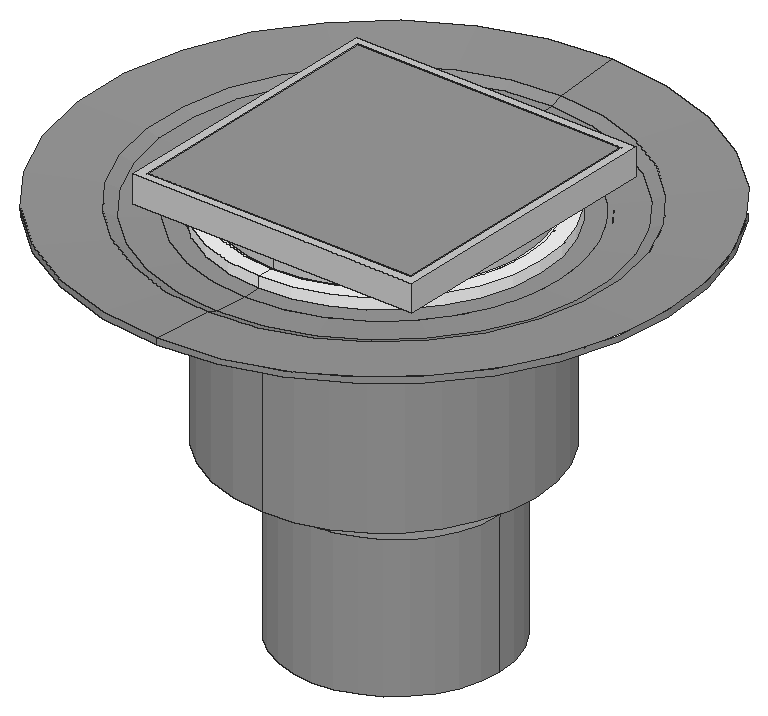
Revit family "HL_RU_Floor drain_HL317-A-160411", category Instalační zařizovací předměty, Revit 2021
Family settings
  Kóta kulaté spojky = Použít průměr
  Typ dílu = Normální
  Číslo OmniClass = 23.70.50.21.24.14
  Nadpis OmniClass = Deck Waste Water Drains
  Založené na pracovní rovině = Ne
  Vždy vertikální = Ano
  Ořezat dutým tvarem při načtení = Ne
  Sdílené = Ano
  Bod výpočtu místnosti = Ano
Parameters (values of type "HL317")
  РЕШЁТКА = "138 x 138 mm / V2A"
  РАЗМЕР = "DN50/75/110"
  ПРОПУСКНАЯ СПОСОБНОСТЬ = 1.8 L/s
  ПРОИЗВОДИТЕЛЬНОСТЬ = "1,8 l/s"
  ПРАВОВАЯ ИНФОРМАЦИЯ = "Авторские права(©), права на дизайн или какие либо другие права интелектуальной собственности являются исключительной собственностью компании HL Hutterer & Lechner. Изменению не подлежит. Файл семейства с данными о прозводителе изделия защищен паролем с водяным знаком."  # constant formula
  НОМИНАЛЬНЫЙ ДИАМЕТР [instance] = 110 mm
  НАСАДКА = "20-70 mm / 147 x 147 mm / PP"
  МАТЕРИАЛ = "PP"
  МАКСИМАЛЬНАЯ НАГРУЗКА КЛАССА = "K3 - 300kg"
  ВЫСОТА МОНТАЖА = "220 mm"
  ВЕС = "1,05 [kg]"
  Výchozí výška = 0 mm
  SV [instance] = НОМИНАЛЬНЫЙ ДИАМЕТР = 110 mm  # yes
  Přípoj ventilace = no
  Výrobce = "HL Hutterer & Lechner GmbH"  # constant formula
  URL = "http://www.hutterer-lechner.com/ru/Products/catalog/floor-drains/attachments/HL317.aspx"
  Přípoj odpadních dílů = yes
  Přípoj HW = no
  Popis = "Трапы для внутренних помещений"
  Model = "HL317"
  Komentáře k typům = "HL317 Трап для внутренних помещений DN50/75/110 вертикальный 147х147мм/138х138мм"
  Keynote = "HL317"
  Высота монтажа [instance] = 220 mm
  EAN = "9003076703173"
  DN_test [instance] = if(or(НОМИНАЛЬНЫЙ ДИАМЕТР = 50 mm, НОМИНАЛЬНЫЙ ДИАМЕТР = 75 mm, НОМИНАЛЬНЫЙ ДИАМЕТР = 110 mm), 30 mm, 0 mm)  # 30 mm
  Přípoj CW = no
  D [instance] = if(НОМИНАЛЬНЫЙ ДИАМЕТР = 110 mm, 6 mm, 0 mm)  # 6 mm
  C [instance] = if(НОМИНАЛЬНЫЙ ДИАМЕТР = 110 mm, 202 mm, if(НОМИНАЛЬНЫЙ ДИАМЕТР = 75 mm, 172 mm, 166 mm))  # 202 mm
  B [instance] = Высота монтажа  # 220 mm
  A [instance] = if(B - 100 mm > 15 mm, B - 100 mm, 15 mm)  # 120 mm
Reference planes
  plane 1 "Center (Front/Back)": y = 0
  plane 2: z = 0
  plane 3 "Center (Left/Right)": x = 0
  plane 4 "Ball Joint Vertical": x = 25.45
  plane 5: z = -220
  plane 6: z = -220
Lines and regions (mm)
  model lines, style "InvisibleLines"
    curve 1: line (0, 0, 0) -> (0, 0, 1000)
  reference lines
    curve 2: line (6, 0, 0) -> (6, 0, -220)
  model lines, detail levels coarse+medium
    curve 3: line (0, 0, -220) -> (0, 0, -100)
    curve 4: line (0, 0, -100) -> (100, 0, 0)
    curve 5: line (0, 0, -100) -> (-100, 0, 0)
  symbolic lines, detail levels coarse+medium
    curve 6: line (-75, 75, 0) -> (75, 75, 0)
    curve 7: line (-75, -75, 0) -> (-75, 75, 0)
    curve 8: line (75, -75, 0) -> (-75, -75, 0)
    curve 9: line (75, 75, 0) -> (75, -75, 0)
    curve 10: line (75, 75, 0) -> (145.711, 145.711, 0)
    curve 11: line (75, -75, 0) -> (145.711, -145.711, 0)
    curve 12: line (-75, 75, 0) -> (-145.711, 145.711, 0)
    curve 13: line (-75, -75, 0) -> (-145.711, -145.711, 0)
  symbolic lines, not visible, detail levels coarse+medium
    curve 14: line (-75, 75, 0) -> (75, 75, 0)
    curve 15: line (-75, -75, 0) -> (-75, 75, 0)
    curve 16: line (75, -75, 0) -> (-75, -75, 0)
    curve 17: line (75, 75, 0) -> (75, -75, 0)
    curve 18: line (75, 75, 0) -> (145.711, 145.711, 0)
    curve 19: line (75, -75, 0) -> (145.711, -145.711, 0)
    curve 20: line (-75, 75, 0) -> (-145.711, 145.711, 0)
    curve 21: line (-75, -75, 0) -> (-145.711, -145.711, 0)
  symbolic lines, style "InvisibleLines", not visible
    curve 22: line (0, 0, 0) -> (0, 0, -30)
Text (mm)
  text "ПОЛ" at (-221.915, 0, -26.556), in view "Drain Construction View"
Dimensions and locks
  locked: plane 4 "Ball Joint Vertical" to plane 3 "Center (Left/Right)" at 25.45
  "Высота монтажа": plane 2 to plane 5
  "A": curve 5 to plane 6
  "B": curve 5 to plane 6
  "B": curve 4 to plane 6
  "B": plane 2 to plane 6
  "DN_test": curve 22 to curve 22
  "D": curve 2 to plane 3 "Center (Left/Right)"
  "C": nested 1 to plane 5
  locked: curve 4 to plane 3 "Center (Left/Right)" (angle 45.00°)
  locked: plane 3 "Center (Left/Right)" to curve 5 (angle 45.00°)
  aligned and locked: level to plane 2
  aligned and locked: plane 2 to curve 1
  aligned and locked: plane 3 "Center (Left/Right)" to curve 1
  aligned and locked: plane 3 "Center (Left/Right)" to curve 3
  aligned and locked: plane 3 "Center (Left/Right)" to curve 5
  aligned and locked: plane 2 to curve 2
  aligned and locked: plane 6 to curve 2
  aligned and locked: plane 6 to curve 3
  aligned and locked: plane 5 to nested 4
Automatic sketch dimensions
  level to curve 1 = 1000 mm
Nested families
  nested 1: "HL_Корпус для трапа внутренних помещений_HL317K" at (0, 0, -18), type "HL317K_Main Component"
  nested 2: "HL_Решётка_HL0317.1E" at (0, 0, 0), type "HL0317.1E_Main Component"
  nested 3: "HL_Насадка_HL0317.2E" at (0, 0, 0), type "HL0317.2E_Main Component"
    with Высота монтажа 70 mm, ВМ_Тест yes, ВМ 90 mm
  nested 4: "HL_Уменьшение_HL0317.4E" at (61, 0, -146) x (0, 0, -1) z (1, 0, 0), visible <- "SV", type "HL0317.4E_Main Component"
  nested 5: "HL_Песколовка_HL0317.5E" at (0, 0, -5), type "HL0317.5E_Main Component"
Connectors
  piping at (6, 0, -220), diameter 110, driven by "ПРОПУСКНАЯ СПОСОБНОСТЬ", driven by "НОМИНАЛЬНЫЙ ДИАМЕТР"
    settings: on curve 2, index 1, connector inside diameter 609.6 mm, connector length 0 mm, flow factor 0, pipe flow 1.8 L/s, pressure drop 0.0 Pa, fitting loss kfactor 0, connector angle 0.00°, fixture units 0, engagement length 0 mm, angle of deflection 0.00°, flow configuration 1, flow direction 2, fitting loss method 0, system type 16, joint type 0, gender type 0, connector reference index -1, connector utility 0, adjustable connector no, is connector primary yes, connector description ""
Definition of nested family "HL_Корпус для трапа внутренних помещений_HL317K"
  Parameters (values of type "HL317K")
    РАЗМЕР = "DN50/75/110"
    ПРАВОВАЯ ИНФОРМАЦИЯ = "Авторские права(©), права на дизайн или какие либо другие права интелектуальной собственности являются исключительной собственностью компании HL Hutterer & Lechner. Изменению не подлежит. Файл семейства с данными о прозводителе изделия защищен паролем с водяным знаком."  # constant formula
    МАТЕРИАЛ = "PP"
    ВЫСОТА МОНТАЖА = "200 mm"
    ВЕС = "0,79 [kg]"
    Waste Connection = yes
    Default Elevation = 0 mm
    Vent Connection = no
    Manufacturer = "HL Hutterer & Lechner GmbH"  # constant formula
    URL = "http://www.hutterer-lechner.com/ru/Products/catalog/floor-drains/attachments/HL317K.aspx"
    HW Connection = no
    Description = "Трапы для внутренних помещений - Комплектующие"
    Model = "HL317K"
    Type Comments = "HL317K Корпус трапа для внутренних помещений DN50/75/110 вертикальный"
    Keynote = "HL317K"
    EAN = "9003076009022"
    CW Connection = no
  Reference planes
    plane 1 "Center (Front/Back)": y = 0
    plane 2: z = 0
    plane 3 "Center (Left/Right)": x = 0
    plane 4 "Ball Joint Vertical": x = 25.45
  Forms (mm)
    Revolve 1, solid, detail levels fine
      sketch origin (0, 0, 0) x (0, 1, 0) y (0, 0, 1)
        loop
          line (150, -3.007) -> (150, 0) -> (116.132, -2.368) -> (110.257, -4.717) -> (92.001, -6.067) -> (82.5, -6.067) -> (77, -6.067) -> (77, -109.845) -> (30.2, -109.845) -> (30.2, -41.845) -> (27.829, -41.845) -> (27.015, -111.095) -> (21.9, -111.095) -> (21.9, -165.945) -> (25, -165.945) -> (25, -112.845) -> (34.4, -112.845) -> (34.4, -171.845) -> (37.5, -171.845) -> (37.5, -112.845) -> (80, -112.845) -> (80, -38.27) -> (89.2, -25.112) -> (89.2, -17.144) -> (94.095, -17.144) -> (94.527, -8.889) -> (110.94, -7.674) -> (116.81, -5.328) -> (150, -3.007)
        loop
          line (39.5, -91.845) -> (41.5, -91.845) -> (41.5, -19.345) -> (0, -19.345) -> (0, -22.345) -> (39.5, -22.345) -> (39.5, -91.845)
        axis (0, 0) -> (0, -171.845)
      angle from 0 to 360
    Revolve 2, solid, detail levels fine
      sketch origin (0, 0, 0) x (0, 1, 0) y (0, 0, 1)
        loop
          line (82.5, -6.067) -> (82.5, -0.345) -> (74.9, -0.345)
          arc (74.9, -0.345) -> (72.291, -1.865) -> (72.325, -4.884) r 3
          line (72.325, -4.884) -> (73, -6.845) -> (73, -35.321) -> (77, -35.321) -> (77, -6.067) -> (82.5, -6.067)
        axis (0, -0.345) -> (0, -35.321)
      angle from 0 to 360
  Text (mm)
    text "ROOF/FLOOR" at (-198.233, 0, -26.556), in view "Drain Construction View"
  Dimensions and locks
    locked: plane 4 "Ball Joint Vertical" to plane 3 "Center (Left/Right)" at 25.45
    aligned and locked: level to plane 2
Definition of nested family "HL_Решётка_HL0317.1E"
  Parameters
    РАЗМЕР = "138x138 mm"
    ПРАВОВАЯ ИНФОРМАЦИЯ = "Авторские права(©), права на дизайн или какие либо другие права интелектуальной собственности являются исключительной собственностью компании HL Hutterer & Lechner. Изменению не подлежит. Файл семейства с данными о прозводителе изделия защищен паролем с водяным знаком."  # constant formula
    МАТЕРИАЛ = "V2A"
    МАКСИМАЛЬНАЯ НАГРУЗКА КЛАССА = "K3 - 300 kg"
    ВЕС = "0,20 [kg]"
    Waste Connection = yes
    Default Elevation = 0 mm
    Vent Connection = no
    Manufacturer = "HL Hutterer & Lechner GmbH"  # constant formula
    URL = "http://www.hutterer-lechner.com/ru/Products/catalog/floor-drains/attachments/HL0317.1E.aspx"
    HW Connection = no
    Description = "Трапы для внутренних помещений - Комплектующие"
    Model = "HL0317.1E"
    Type Comments = "HL0317.1E Решетка для сливных отверстий из высококачественной стали 138х138мм"
    Keynote = "HL0317.1E"
    EAN = "9003076317011"
    CW Connection = no
  Reference planes
    plane 1 "Center (Front/Back)": y = 0
    plane 2: z = 0
    plane 3 "Center (Left/Right)": x = 0
    plane 4 "Ball Joint Vertical": x = 25.45
  Forms (mm)
    Extrusion 1, solid, detail levels fine
      sketch origin (0, 0, 0) x (1, 0, 0) y (0, 1, 0)
        loop
          line (-69, 69) -> (-69, -69) -> (69, -69) -> (69, 69) -> (-69, 69)
      from 0 to -5
  Lines and regions (mm)
    model lines, detail levels fine
      curve 1: line (40.5, 59.75, 0) -> (-40.5, 59.75, 0)
      curve 2: line (-40.5, 52.25, 0) -> (40.5, 52.25, 0)
      curve 3: line (24.5, 43.75, 0) -> (-24.5, 43.75, 0)
      curve 4: line (-24.5, 36.25, 0) -> (24.5, 36.25, 0)
      curve 5: line (8.5, 27.75, 0) -> (-8.5, 27.75, 0)
      curve 6: line (-8.5, 20.25, 0) -> (8.5, 20.25, 0)
      curve 7: arc (-8.5, 27.75, 0) -> (-12.25, 24, 0) -> (-8.5, 20.25, 0) r 3.75
      curve 8: arc (8.5, 20.25, 0) -> (12.25, 24, 0) -> (8.5, 27.75, 0) r 3.75
      curve 9: arc (24.5, 36.25, 0) -> (28.25, 40, 0) -> (24.5, 43.75, 0) r 3.75
      curve 10: arc (40.5, 52.25, 0) -> (44.25, 56, 0) -> (40.5, 59.75, 0) r 3.75
      curve 11: arc (-40.5, 59.75, 0) -> (-44.25, 56, 0) -> (-40.5, 52.25, 0) r 3.75
      curve 12: arc (-24.5, 43.75, 0) -> (-28.25, 40, 0) -> (-24.5, 36.25, 0) r 3.75
      curve 13: line (-59.75, 40.5, 0) -> (-59.75, -40.5, 0)
      curve 14: line (-52.25, -40.5, 0) -> (-52.25, 40.5, 0)
      curve 15: line (-43.75, 24.5, 0) -> (-43.75, -24.5, 0)
      curve 16: line (-36.25, -24.5, 0) -> (-36.25, 24.5, 0)
      curve 17: line (-27.75, 8.5, 0) -> (-27.75, -8.5, 0)
      curve 18: line (-20.25, -8.5, 0) -> (-20.25, 8.5, 0)
      curve 19: arc (-20.25, 8.5, 0) -> (-24, 12.25, 0) -> (-27.75, 8.5, 0) r 3.75
      curve 20: arc (-27.75, -8.5, 0) -> (-24, -12.25, 0) -> (-20.25, -8.5, 0) r 3.75
      curve 21: arc (-43.75, -24.5, 0) -> (-40, -28.25, 0) -> (-36.25, -24.5, 0) r 3.75
      curve 22: arc (-36.25, 24.5, 0) -> (-40, 28.25, 0) -> (-43.75, 24.5, 0) r 3.75
      curve 23: arc (-52.25, 40.5, 0) -> (-56, 44.25, 0) -> (-59.75, 40.5, 0) r 3.75
      curve 24: arc (-59.75, -40.5, 0) -> (-56, -44.25, 0) -> (-52.25, -40.5, 0) r 3.75
      curve 25: line (8.5, -20.25, 0) -> (-8.5, -20.25, 0)
      curve 26: line (-8.5, -27.75, 0) -> (8.5, -27.75, 0)
      curve 27: line (24.5, -36.25, 0) -> (-24.5, -36.25, 0)
      curve 28: line (-24.5, -43.75, 0) -> (24.5, -43.75, 0)
      curve 29: line (40.5, -52.25, 0) -> (-40.5, -52.25, 0)
      curve 30: line (-40.5, -59.75, 0) -> (40.5, -59.75, 0)
      curve 31: arc (-40.5, -52.25, 0) -> (-44.25, -56, 0) -> (-40.5, -59.75, 0) r 3.75
      curve 32: arc (40.5, -59.75, 0) -> (44.25, -56, 0) -> (40.5, -52.25, 0) r 3.75
      curve 33: arc (24.5, -43.75, 0) -> (28.25, -40, 0) -> (24.5, -36.25, 0) r 3.75
      curve 34: arc (-24.5, -36.25, 0) -> (-28.25, -40, 0) -> (-24.5, -43.75, 0) r 3.75
      curve 35: arc (-8.5, -20.25, 0) -> (-12.25, -24, 0) -> (-8.5, -27.75, 0) r 3.75
      curve 36: arc (8.5, -27.75, 0) -> (12.25, -24, 0) -> (8.5, -20.25, 0) r 3.75
      curve 37: line (20.25, 8.5, 0) -> (20.25, -8.5, 0)
      curve 38: line (27.75, -8.5, 0) -> (27.75, 8.5, 0)
      curve 39: line (36.25, 24.5, 0) -> (36.25, -24.5, 0)
      curve 40: line (43.75, -24.5, 0) -> (43.75, 24.5, 0)
      curve 41: line (52.25, 40.5, 0) -> (52.25, -40.5, 0)
      curve 42: line (59.75, -40.5, 0) -> (59.75, 40.5, 0)
      curve 43: arc (52.25, -40.5, 0) -> (56, -44.25, 0) -> (59.75, -40.5, 0) r 3.75
      curve 44: arc (36.25, -24.5, 0) -> (40, -28.25, 0) -> (43.75, -24.5, 0) r 3.75
      curve 45: arc (20.25, -8.5, 0) -> (24, -12.25, 0) -> (27.75, -8.5, 0) r 3.75
      curve 46: arc (27.75, 8.5, 0) -> (24, 12.25, 0) -> (20.25, 8.5, 0) r 3.75
      curve 47: arc (43.75, 24.5, 0) -> (40, 28.25, 0) -> (36.25, 24.5, 0) r 3.75
      curve 48: arc (59.75, 40.5, 0) -> (56, 44.25, 0) -> (52.25, 40.5, 0) r 3.75
      curve 49: line (-6.994, -2.339, 0) -> (-2.397, -6.935, 0)
      curve 50: line (-4.077, -3.134, 0) -> (-5.933, -1.278, 0)
      curve 51: line (-1.337, -5.874, 0) -> (-3.193, -4.018, 0)
      curve 52: line (-3.193, -4.018, 0) -> (-0.718, -1.543, 0)
      curve 53: line (-1.602, -0.659, 0) -> (-4.077, -3.134, 0)
      curve 54: line (-0.718, -1.543, 0) -> (1.138, -3.399, 0)
      curve 55: line (-3.458, 1.197, 0) -> (-1.602, -0.659, 0)
      curve 56: line (-1.337, 3.318, 0) -> (2.906, -0.925, 0)
      curve 57: line (3.967, 0.136, 0) -> (-0.276, 4.379, 0)
      curve 58: line (6.353, 2.523, 0) -> (3.967, 0.136, 0)
      curve 59: line (4.674, -0.925, 0) -> (7.237, 1.639, 0)
      curve 60: arc (-6.994, -2.339, 0) -> (-6.994, -1.278, 0) -> (-5.933, -1.278, 0) r 0.75
      curve 61: arc (-3.458, 1.197, 0) -> (-3.458, 2.257, 0) -> (-2.397, 2.257, 0) r 0.75
      curve 62: arc (-1.337, 3.318, 0) -> (-1.337, 4.379, 0) -> (-0.276, 4.379, 0) r 0.75
      curve 63: arc (6.353, 2.523, 0) -> (7.237, 2.523, 0) -> (7.237, 1.639, 0) r 0.625
      curve 64: arc (2.906, -0.925, 0) -> (3.79, -1.291, 0) -> (4.674, -0.925, 0) r 1.25
      curve 65: arc (-2.397, -6.935, 0) -> (-1.337, -6.935, 0) -> (-1.337, -5.874, 0) r 0.75
      curve 66: arc (1.138, -3.399, 0) -> (2.183, -3.416, 0) -> (2.232, -2.372, 0) r 0.751
      curve 67: line (2.232, -2.372, 0) -> (-2.397, 2.257, 0)
    model lines
      curve 68: line (0, 0, 0) -> (0, 0, 100)
  Text (mm)
    text "ROOF/FLOOR" at (-198.233, 0, -26.556), in view "Drain Construction View"
  Dimensions and locks
    locked: plane 4 "Ball Joint Vertical" to plane 3 "Center (Left/Right)" at 25.45
    aligned and locked: level to plane 2
Definition of nested family "HL_Насадка_HL0317.2E"
  Parameters
    РАЗМЕР = "d 145 mm"
    ПРАВОВАЯ ИНФОРМАЦИЯ = "Авторские права(©), права на дизайн или какие либо другие права интелектуальной собственности являются исключительной собственностью компании HL Hutterer & Lechner. Изменению не подлежит. Файл семейства с данными о прозводителе изделия защищен паролем с водяным знаком."  # constant formula
    НАСАДКА = "147x147mm"
    МАТЕРИАЛ = "PP-V2A"
    Высота монтажа [instance] = 70 mm
    ВЫСОТА МОНТАЖА = "20-70mm"
    ВМ_Тест [instance] = and(or(Высота монтажа < ВМ_Max, Высота монтажа > ВМ_Min, Высота монтажа = ВМ_Min))  # yes
    ВМ_Min = 20 mm
    ВМ_Max = 70 mm
    ВМ [instance] = if(ВМ_Тест, Высота монтажа + 20 mm, 0 mm)  # 90 mm
    ВЕС = "0,13 [kg]"
    Waste Connection = yes
    Default Elevation = 0 mm
    Vent Connection = no
    Manufacturer = "HL Hutterer & Lechner GmbH"  # constant formula
    URL = "http://www.hutterer-lechner.com/ru/Products/catalog/floor-drains/attachments/HL0317.2E.aspx"
    HW Connection = no
    Description = "Трапы для внутренних помещений - Комплектующие"
    Model = "HL0317.2E"
    Type Comments = "HL0317.2E Насадные подрамники d 145мм/90мм/147х147мм"
    Keynote = "HL0317.2E"
    EAN = "9003076317028"
    CW Connection = no
  Reference planes
    plane 1 "Center (Front/Back)": y = 0
    plane 2: z = 0
    plane 3 "Center (Left/Right)": x = 0
    plane 4 "Ball Joint Vertical": x = 25.45
    plane 5: z = -90
  Forms (mm)
    Extrusion 1, solid, detail levels fine
      sketch origin (0, 0, 0) x (1, 0, 0) y (0, 1, 0)
        loop
          line (69.5, 69.5) -> (-69.5, 69.5) -> (-69.5, -69.5) -> (69.5, -69.5) -> (69.5, 69.5)
        loop
          line (73.5, 73.5) -> (-73.5, 73.5) -> (-73.5, -73.5) -> (73.5, -73.5) -> (73.5, 73.5)
      from 0 to -14
    Extrusion 2, solid, detail levels fine
      sketch origin (0, 0, 0) x (1, 0, 0) y (0, 1, 0)
        loop
          line (-21.332, 69.5) -> (-69.5, 69.5) -> (-69.5, 21.332)
          arc (-69.5, 21.332) -> (-51.407, 51.407) -> (-21.332, 69.5) r 72.7
        loop
          line (69.5, 21.332) -> (69.5, 69.5) -> (21.332, 69.5)
          arc (21.332, 69.5) -> (51.407, 51.407) -> (69.5, 21.332) r 72.7
        loop
          line (21.332, -69.5) -> (69.5, -69.5) -> (69.5, -21.332)
          arc (69.5, -21.332) -> (51.407, -51.407) -> (21.332, -69.5) r 72.7
        loop
          line (-69.5, -21.332) -> (-69.5, -69.5) -> (-21.332, -69.5)
          arc (-21.332, -69.5) -> (-51.407, -51.407) -> (-69.5, -21.332) r 72.7
      from -5 to -14
    Revolve 3, solid, detail levels fine
      sketch origin (0, 0, 0) x (0, 1, 0) y (0, 0, 1)
        loop
          line (72.5, -14) -> (69.3, -14) -> (69.3, -90) -> (72.5, -90) -> (72.5, -14)
        axis (0, -14) -> (0, -90)
      angle from 0 to 360
  Cuts and joins
    joined: Extrusion 1, Extrusion 2, Revolve 3
  Lines and regions (mm)
    symbolic lines, not visible
      curve 1: line (0, 0, -90) -> (0, 0, 0)
    model lines
      curve 2: line (0, 0, 0) -> (0, 0, 100)
  Text (mm)
    text "ROOF/FLOOR" at (-198.233, 0, -26.556), in view "Drain Construction View"
  Dimensions and locks
    locked: plane 4 "Ball Joint Vertical" to plane 3 "Center (Left/Right)" at 25.45
    "ВМ": plane 2 to plane 5
    aligned and locked: level to plane 2
    aligned and locked: plane 5 to cut or joined group of Extrusion 1, Extrusion 2, Revolve 3
    aligned and locked: plane 2 to curve 1
    aligned and locked: plane 5 to curve 1
    aligned and locked: plane 3 "Center (Left/Right)" to curve 1
  Automatic sketch dimensions
    Extrusion 1 sketch curve to plane 3 "Center (Left/Right)" = 73.5 mm
    Extrusion 1 sketch curve to Extrusion 1 sketch curve = 4 mm  (x4)
    plane 4 "Ball Joint Vertical" to Extrusion 1 sketch curve = 44.05 mm
    plane 1 "Center (Front/Back)" to Extrusion 1 sketch curve = 73.5 mm
    Extrusion 1 sketch curve to plane 1 "Center (Front/Back)" = 69.5 mm
    Extrusion 2 sketch curve to Extrusion 2 sketch curve = 0 mm  (x13)
    plane 1 "Center (Front/Back)" to Extrusion 2 sketch curve = 0 mm
    Extrusion 2 sketch curve to plane 3 "Center (Left/Right)" = 0 mm
    Extrusion 2 sketch curve to plane 3 "Center (Left/Right)" = 21.332 mm  (x2)
    Extrusion 2 sketch curve to Extrusion 2 sketch curve = 48.168 mm  (x2)
    Extrusion 2 sketch curve to plane 4 "Ball Joint Vertical" = 4.118 mm  (x2)
    plane 4 "Ball Joint Vertical" to Extrusion 2 sketch curve = 44.05 mm  (x2)
    plane 1 "Center (Front/Back)" to Extrusion 2 sketch curve = 21.332 mm  (x2)
    Extrusion 2 sketch curve to plane 1 "Center (Front/Back)" = 21.332 mm
    Extrusion 2 sketch curve to plane 1 "Center (Front/Back)" = 69.5 mm
    Revolve 3 sketch curve to plane 1 "Center (Front/Back)" = 0 mm
    Revolve 3 sketch curve to plane 5 = 0 mm
    Revolve 3 sketch curve to level = 14 mm
    Revolve 3 sketch curve to plane 1 "Center (Front/Back)" = 69.3 mm
    Revolve 3 sketch curve to Revolve 3 sketch curve = 3.2 mm
    Revolve 3 sketch curve to plane 5 = 430.992 mm
    level to Revolve 3 sketch curve = 2741.474 mm
    curve 2 to curve 2 = 100 mm
Definition of nested family "HL_Уменьшение_HL0317.4E"
  Parameters (values of type "HL0317.4E")
    РАЗМЕР = "DN110xDN75"
    ПРАВОВАЯ ИНФОРМАЦИЯ = "Авторские права(©), права на дизайн или какие либо другие права интелектуальной собственности являются исключительной собственностью компании HL Hutterer & Lechner. Изменению не подлежит. Файл семейства с данными о прозводителе изделия защищен паролем с водяным знаком."  # constant formula
    МАТЕРИАЛ = "PP"
    ВЕС = "0,10 [kg]"
    Waste Connection = yes
    Default Elevation = 0 mm
    Vent Connection = no
    Manufacturer = "HL Hutterer & Lechner GmbH"  # constant formula
    URL = "http://www.hutterer-lechner.com/ru/Products/catalog/floor-drains/attachments/HL0317.4E.aspx"
    HW Connection = no
    Description = "Трапы для внутренних помещений - Комплектующие"
    Model = "HL0317.4E"
    Type Comments = "HL0317.4E Уменьшение DN110xDN75"
    Keynote = "HL0317.4E"
    EAN = "9003076317042"
    CW Connection = no
  Reference planes
    plane 1 "Center (Front/Back)": y = 0
    plane 2: z = 0
    plane 3 "Center (Left/Right)": x = 0
    plane 4 "Ball Joint Vertical": x = 25.45
  Forms (mm)
    Revolve 1, solid, detail levels fine
      sketch origin (0, 0, 0) x (1, 0, 0) y (0, 0, 1)
        loop
          line (74, -2.7) -> (74, 0) -> (0, 0) -> (0, -55) -> (3, -55) -> (3, -2.7) -> (74, -2.7)
        axis (74, -55) -> (0, -55)
      angle from 0 to 360
    Revolve 2, solid, detail levels fine
      sketch origin (0, 0, 0) x (1, 0, 0) y (0, 0, 1)
        loop
          line (-15, -21.165) -> (-15, -23.3) -> (39.9, -23.3) -> (39.9, -21.3) -> (0, -21.3) -> (0, -17) -> (-8.629, -17) -> (-11.112, -21.165) -> (-15, -21.165)
        axis (-15, -61) -> (39.9, -61)
      angle from 0 to 360
    Extrusion 3, void
      sketch origin (0, 0, 0) x (0, 1, 0) y (0, 0, 1)
        loop
          arc (-33.715, -46.537) -> (-35.917, -53.62) -> (-36.661, -61) r 36.983
          arc (-36.661, -61) -> (-12.182, -95.805) -> (28.85, -84.535) r 36.983
          arc (28.85, -84.535) -> (31.932, -80.198) -> (34.36, -75.463) r 36.983
          arc (34.36, -75.463) -> (36.561, -68.38) -> (37.305, -61) r 36.983
          arc (37.305, -61) -> (7.702, -24.761) -> (-33.715, -46.537) r 36.983
      from 55.439 to -38.757
  Cuts and joins
    Extrusion 3 cuts Revolve 1
  Text (mm)
    text "ROOF/FLOOR" at (-198.233, 0, -26.556), in view "Drain Construction View"
  Dimensions and locks
    locked: plane 4 "Ball Joint Vertical" to plane 3 "Center (Left/Right)" at 25.45
    aligned and locked: level to plane 2
Definition of nested family "HL_Песколовка_HL0317.5E"
  Parameters (values of type "HL0317.5E")
    ПРАВОВАЯ ИНФОРМАЦИЯ = "Авторские права(©), права на дизайн или какие либо другие права интелектуальной собственности являются исключительной собственностью компании HL Hutterer & Lechner. Изменению не подлежит. Файл семейства с данными о прозводителе изделия защищен паролем с водяным знаком."  # constant formula
    МАТЕРИАЛ = "PP"
    ВЕС = "0,03[kg]"
    Waste Connection = yes
    Default Elevation = 0 mm
    Vent Connection = no
    Manufacturer = "HL Hutterer & Lechner GmbH"  # constant formula
    URL = "http://www.hutterer-lechner.com/ru/Products/catalog/floor-drains/attachments/HL0317.5E.aspx"
    HW Connection = no
    Description = "Трапы для внутренних помещений - Комплектующие"
    Model = "HL0317.5E"
    Type Comments = "HL0317.5E Песколовка"
    Keynote = "HL0317.5E"
    EAN = "9003076317059"
    CW Connection = no
  Reference planes
    plane 1 "Center (Front/Back)": y = 0
    plane 2: z = 0
    plane 3 "Center (Left/Right)": x = 0
    plane 4 "Ball Joint Vertical": x = 25.45
  Forms (mm)
    Revolve 1, solid, detail levels fine
      sketch origin (0, 0, 0) x (0, 1, 0) y (0, 0, 1)
        loop
          line (69, -29) -> (69, 0) -> (67.3, 0) -> (67.3, -27.3) -> (22, -27.3) -> (22, -8) -> (19, -8) -> (19, -29) -> (69, -29)
        axis (0, 0) -> (0, -29)
      angle from 0 to 360
  Lines and regions (mm)
    model lines, detail levels fine
      curve 1: circle (-44.62, 0, -27.3) r 5 normal (0, 0, 1)
      curve 2: circle (0, 44.62, -27.3) r 5 normal (0, 0, 1)
      curve 3: circle (44.62, 0, -27.3) r 5 normal (0, 0, 1)
      curve 4: circle (0, -44.62, -27.3) r 5 normal (0, 0, -1)
      curve 5: circle (-38.642, 22.31, -27.3) r 5 normal (0, 0, 1)
      curve 6: circle (22.31, 38.642, -27.3) r 5 normal (0, 0, 1)
      curve 7: circle (38.642, -22.31, -27.3) r 5 normal (0, 0, 1)
      curve 8: circle (-22.31, -38.642, -27.3) r 5 normal (0, 0, -1)
      curve 9: circle (-22.31, 38.642, -27.3) r 5 normal (0, 0, 1)
      curve 10: circle (38.642, 22.31, -27.3) r 5 normal (0, 0, 1)
      curve 11: circle (22.31, -38.642, -27.3) r 5 normal (0, 0, 1)
      curve 12: circle (-38.642, -22.31, -27.3) r 5 normal (0, 0, -1)
  Text (mm)
    text "ROOF/FLOOR" at (-198.233, 0, -26.556), in view "Drain Construction View"
  Dimensions and locks
    locked: plane 4 "Ball Joint Vertical" to plane 3 "Center (Left/Right)" at 25.45
    aligned and locked: level to plane 2
